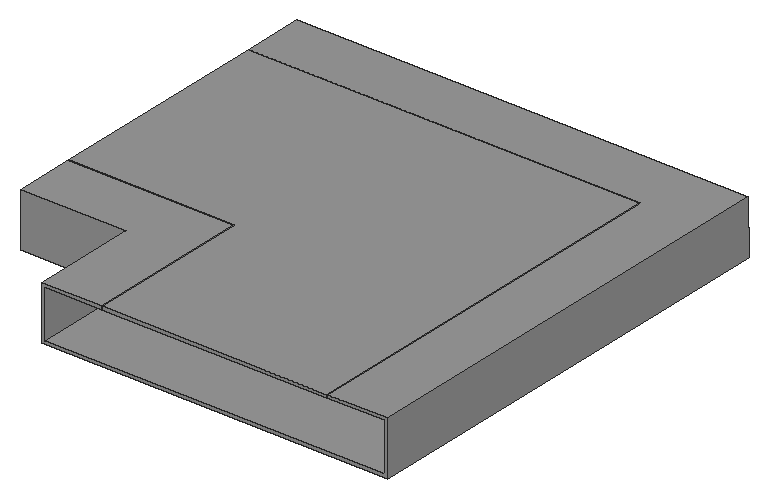
Revit family "en-halla-lumia-accessories-suspendedrfa (1)", category Specialty Equipment, host Face, Revit 2017
Family settings
  Host = Face
  Round Connector Dimension = Use Diameter
  Part Type = Normal
  OmniClass Number = 23.80.70.11.11
  OmniClass Title = General Luminaries, Non Directional
  Cut with Voids When Loaded = No
  Shared = No
  Room Calculation Point = No
Parameters (values of type "10-0003, E - joint L")
  X = no
  Výška zavěšení maximální = 2000 mm  # constant formula
  Výška zavěšení finální [instance] = if(Suspension height > Výška zavěšení maximální, Výška zavěšení maximální, Suspension height)  # 2000 mm
  QR code = "http://file-system.ru/catalog/zdaniya_i_sooruzheniya/interer/osveshchenie/halla_lumia_louvre_svetilnik/"
  Manufacturer = "HALLA"  # constant formula
  Default Elevation = 1000 mm  # constant formula
  URL = "http://www.halla.cz"
  Tubus = no
  T = no
  Switched on [instance] = no
  Switched off [instance] = not(Switched on)  # yes
  Suspension height [instance] = 2000 mm
  Right [instance] = if(and(Tubus, [Accessory - right end cap]), 1 > 0, 1 < 0)  # no
  Material of luminaire = "Aluminium"  # constant formula
  Lighting width = 230 mm  # constant formula
  Lighting length = 1000 mm  # constant formula
  Lighting height = 36 mm  # constant formula
  Colour of luminaire = Aluminium - anodised
  Accessory - right end cap [instance] = no
  Accessory - left end cap [instance] = no
  Product data url = ""
  Description = ""
  On [instance] = if(and(Tubus, Switched on), 1 > 0, 1 < 0)  # no
  Off [instance] = if(and(Tubus, Switched off), 1 > 0, 1 < 0)  # no
  Model = ""
  Left [instance] = if(and(Tubus, [Accessory - left end cap]), 1 > 0, 1 < 0)  # no
  L = yes
  Assembly Code = "D5020230"
Types (6, lengths in mm): name | X | Výška zavěšení finální | QR code | Tubus | T | Switched on | Switched off | Suspension height | Right | Accessory - right end cap | Accessory - left end cap | On | Left | L
  (no name) | no | 2000 | "http://file-system.ru/catalog/zdaniya_i_sooruzheniya/interer/osveshchenie/halla_lumia_louvre_svetilnik/" | no | no | no | yes | 2000 | no | no | no | no | no | yes
  10-0001, E - profile for modules | no | 1000 | "" | yes | no | yes | no | 1000 | yes | yes | yes | yes | yes | no
  10-0011, E - body profile | no | 1000 | "" | yes | no | yes | no | 1000 | yes | yes | yes | yes | yes | no
  10-0003, E - joint L | no | 2000 | "http://file-system.ru/catalog/zdaniya_i_sooruzheniya/interer/osveshchenie/halla_lumia_louvre_svetilnik/" | no | no | no | yes | 2000 | no | no | no | no | no | yes
  10-0004, E - joint T | no | 1000 | "" | no | yes | no | yes | 1000 | no | no | no | no | no | no
  10-0005, E - joint X | yes | 1000 | "" | no | no | no | yes | 1000 | no | no | no | no | no | no
Reference planes
  plane 1 "Střed (vpředu/vzadu)": y = 0
  plane 2: z = 0
  plane 3 "Střed (vlevo/vpravo)": x = 0
  plane 4 "BP_Světlo horní": z = 2000
  plane 5 "BP_Zdroj světla": z = 2036
  plane 6: y = 115
  plane 7: y = -115
  plane 8: x = 500
  plane 9: x = -500
Forms (mm)
  Extrusion 1, solid, material "Aluminium - anodised" <- "Colour of luminaire", visible <- "Tubus"
    sketch origin (0, 0, 0) x (0, 1, 0) y (0, 0, 1)
      loop
        line (115, 2036) -> (75, 2036) -> (75, 2034) -> (113, 2034) -> (113, 2002) -> (93, 2002) -> (93, 2000) -> (115, 2000) -> (115, 2036)
      loop
        line (-115, 2036) -> (-115, 2000) -> (-93, 2000) -> (-93, 2002) -> (-113, 2002) -> (-113, 2034) -> (-75, 2034) -> (-75, 2036) -> (-115, 2036)
    from -500 to 500
  Extrusion 2, solid, material "Diffuser - light switched off", visible <- "Off"
    sketch origin (500, 480.158, 1219.2) x (0, 1, 0) y (0, 0, 1)
      loop
        line (-405.158, 816.8) -> (-555.158, 816.8) -> (-555.158, 814.8) -> (-405.158, 814.8) -> (-405.158, 816.8)
    from -1000 to 0
  Extrusion 3, solid, material "Aluminium - anodised" <- "Colour of luminaire", visible <- "Tubus"
    sketch origin (-500, 480.158, 1219.2) x (0, 1, 0) y (0, 0, -1)
      loop
        line (-387.158, -782.8) -> (-387.158, -780.8) -> (-573.158, -780.8) -> (-573.158, -782.8) -> (-387.158, -782.8)
    from -1000 to 0
  Extrusion 4, solid, material "Diffuser - light switched on", visible <- "On"
    sketch origin (500, 480.158, 1219.2) x (0, 1, 0) y (0, 0, 1)
      loop
        line (-405.158, 816.8) -> (-555.158, 816.8) -> (-555.158, 814.8) -> (-405.158, 814.8) -> (-405.158, 816.8)
    from -1000 to 0
  Extrusion 5, solid, material "Aluminium - anodised" <- "Colour of luminaire", visible <- "T"
    sketch origin (0, 222.5, 2000) x (0, 1, 0) y (-1, 0, 0)
      loop
        line (-407.5, 390) -> (-407.5, 240) -> (-297.5, 240) -> (-297.5, 130) -> (-147.5, 130) -> (-147.5, 500) -> (-297.5, 500) -> (-297.5, 390) -> (-407.5, 390)
    from 36 <- "Lighting height" to 34
  Extrusion 6, solid, material "Aluminium - anodised" <- "Colour of luminaire", visible <- "T"
    sketch origin (-280, -35, 0) x (0, 1, 0) y (0, 0, 1)
      loop
        line (110, 2036) -> (110, 2034) -> (148, 2034) -> (148, 2002) -> (35, 2002) -> (35, 2000) -> (150, 2000) -> (150, 2036) -> (110, 2036)
    from -220 to 150
  Sweep 7, solid, material "Aluminium - anodised" <- "Colour of luminaire", visible <- "T"
    path origin (0, 222.5, 2000) x (0, 1, 0) y (-1, 0, 0)
      loop
        line (-407.5, 200) -> (-337.5, 200) -> (-337.5, 130)
    profile origin (-165, -115, 2000) x (0, 1, 0) y (0, 0, 1)
      loop
        line (40, 36) -> (0, 36) -> (0, 0) -> (115, 0) -> (115, 2) -> (2, 2) -> (2, 34) -> (40, 34) -> (40, 36)
  Sweep 8, solid, material "Aluminium - anodised" <- "Colour of luminaire", visible <- "T"
    path origin (0, 222.5, 2000) x (0, 1, 0) y (-1, 0, 0)
      loop
        line (-407.5, 430) -> (-337.5, 430) -> (-337.5, 500)
    profile origin (-465, -115, 2000) x (0, -1, 0) y (0, 0, 1)
      loop
        line (-40, 36) -> (-40, 34) -> (-2, 34) -> (-2, 2) -> (-115, 2) -> (-115, 0) -> (0, 0) -> (0, 36) -> (-40, 36)
  Sweep 9, solid, material "Aluminium - anodised" <- "Colour of luminaire", visible <- "L"
    path origin (0, 222.5, 2000) x (0, 1, 0) y (-1, 0, 0)
      loop
        line (-407.5, 200) -> (-107.5, 200) -> (-107.5, 500)
    profile origin (-200, -35, 2000) x (-1, 0, 0) y (0, 0, 1)
      loop
        line (0, 0) -> (230, 0) -> (230, 36) -> (190, 36) -> (190, 34) -> (228, 34) -> (228, 2) -> (2, 2) -> (2, 34) -> (40, 34) -> (40, 36) -> (0, 36) -> (0, 0)
  Sweep 10, solid, material "Aluminium - anodised" <- "Colour of luminaire", visible <- "L"
    path origin (0, 222.5, 2000) x (0, 1, 0) y (-1, 0, 0)
      loop
        line (-147.5, 500) -> (-147.5, 240) -> (-407.5, 240)
    profile origin (-370, 75, 2000) x (0, 1, 0) y (0, 0, 1)
      loop
        line (0, 36) -> (-150, 36) -> (-150, 34) -> (0, 34) -> (0, 36)
  Extrusion 11, solid, material "Aluminium - anodised" <- "Colour of luminaire", visible <- "X"
    sketch origin (591.497, 222.5, 2000) x (0, 1, 0) y (-1, 0, 0)
      loop
        line (-407.5, 981.497) -> (-407.5, 831.497) -> (-297.5, 831.497) -> (-297.5, 721.497) -> (-147.5, 721.497) -> (-147.5, 831.497) -> (-37.5, 831.497) -> (-37.5, 981.497) -> (-147.5, 981.497) -> (-147.5, 1091.497) -> (-297.5, 1091.497) -> (-297.5, 981.497) -> (-407.5, 981.497)
    from 36 <- "Lighting height" to 34
  Sweep 12, solid, material "Aluminium - anodised" <- "Colour of luminaire", visible <- "X"
    path origin (591.497, 222.5, 2000) x (0, 1, 0) y (-1, 0, 0)
      loop
        line (-407.5, 791.497) -> (-337.5, 791.497) -> (-337.5, 721.497)
    profile origin (-165, -115, 2000) x (0, 1, 0) y (0, 0, 1)
      loop
        line (40, 36) -> (0, 36) -> (0, 0) -> (115, 0) -> (115, 2) -> (2, 2) -> (2, 34) -> (40, 34) -> (40, 36)
  Sweep 13, solid, material "Aluminium - anodised" <- "Colour of luminaire", visible <- "X"
    path origin (591.497, 222.5, 2000) x (0, 1, 0) y (-1, 0, 0)
      loop
        line (-407.5, 1021.497) -> (-337.5, 1021.497) -> (-337.5, 1091.497)
    profile origin (-465, -115, 2000) x (0, -1, 0) y (0, 0, 1)
      loop
        line (-40, 36) -> (-40, 34) -> (-2, 34) -> (-2, 2) -> (-115, 2) -> (-115, 0) -> (0, 0) -> (0, 36) -> (-40, 36)
  Sweep 14, solid, material "Aluminium - anodised" <- "Colour of luminaire", visible <- "X"
    path origin (591.497, 222.5, 2000) x (0, 1, 0) y (-1, 0, 0)
      loop
        line (-37.5, 791.497) -> (-107.5, 791.497) -> (-107.5, 721.497)
    profile origin (-165, 115, 2000) x (0, 1, 0) y (0, 0, 1)
      loop
        line (-40, 36) -> (-40, 34) -> (-2, 34) -> (-2, 2) -> (-115, 2) -> (-115, 0) -> (0, 0) -> (0, 36) -> (-40, 36)
  Sweep 15, solid, material "Aluminium - anodised" <- "Colour of luminaire", visible <- "X"
    path origin (591.497, 222.5, 2000) x (0, 1, 0) y (-1, 0, 0)
      loop
        line (-37.5, 1021.497) -> (-107.5, 1021.497) -> (-107.5, 1091.497)
    profile origin (-465, 115, 2000) x (0, -1, 0) y (0, 0, 1)
      loop
        line (40, 36) -> (0, 36) -> (0, 0) -> (115, 0) -> (115, 2) -> (2, 2) -> (2, 34) -> (40, 34) -> (40, 36)
Dimensions and locks
  equal spacing: plane 7, plane 1 "Střed (vpředu/vzadu)", plane 6
  "Lighting width": plane 6 to plane 7
  "Výška zavěšení finální": plane 4 "BP_Světlo horní" to plane 2
  "Lighting height": plane 5 "BP_Zdroj světla" to plane 4 "BP_Světlo horní"
  equal spacing: plane 9, plane 3 "Střed (vlevo/vpravo)", plane 8
  "Lighting length": plane 9 to plane 8
  aligned and locked: plane 2 to host face
  aligned and locked: level to host face
  aligned and locked: Extrusion 1 sketch curve to plane 6
  aligned and locked: Extrusion 1 sketch curve to plane 5 "BP_Zdroj světla"
  aligned and locked: plane 7 to Extrusion 1 sketch curve
  aligned and locked: plane 8 to Extrusion 1
  aligned and locked: plane 9 to Extrusion 1
  aligned and locked: Extrusion 1 to plane 9
  aligned and locked: Extrusion 1 to plane 8
  aligned and locked: Extrusion 2 sketch curve to Extrusion 1  (x2)
  aligned and locked: plane 8 to Extrusion 2
  aligned and locked: Extrusion 3 sketch curve to Extrusion 1
  aligned and locked: plane 8 to Extrusion 3
  aligned and locked: plane 9 to Extrusion 3
  aligned and locked: plane 9 to Extrusion 2
  aligned and locked: plane 9 to Extrusion 4
Automatic sketch dimensions
  host sketch curve to host sketch curve = 2438.4 mm  (x2)
  Extrusion 1 sketch curve to plane 4 "BP_Světlo horní" = 0 mm  (x2)
  Extrusion 1 sketch curve to plane 5 "BP_Zdroj světla" = 0 mm
  plane 7 to Extrusion 1 sketch curve = 2 mm
  Extrusion 1 sketch curve to Extrusion 1 sketch curve = 20 mm
  Extrusion 1 sketch curve to plane 5 "BP_Zdroj světla" = 2 mm  (x2)
  Extrusion 1 sketch curve to Extrusion 1 sketch curve = 18 mm
  Extrusion 1 sketch curve to plane 6 = 40 mm
  plane 4 "BP_Světlo horní" to Extrusion 1 sketch curve = 2 mm
  Extrusion 1 sketch curve to plane 6 = 22 mm
  Extrusion 1 sketch curve to plane 6 = 2 mm
  Extrusion 1 sketch curve to Extrusion 1 sketch curve = 2 mm
  Extrusion 2 sketch curve to plane 5 "BP_Zdroj světla" = 0 mm
  Extrusion 2 sketch curve to Extrusion 2 sketch curve = 2 mm
  Extrusion 3 sketch curve to plane 4 "BP_Světlo horní" = 2 mm
  Extrusion 3 sketch curve to plane 7 = 22 mm
  plane 6 to Extrusion 3 sketch curve = 22 mm
  Extrusion 4 sketch curve to plane 5 "BP_Zdroj světla" = 0 mm
  plane 7 to Extrusion 4 sketch curve = 40 mm
  Extrusion 4 sketch curve to plane 5 "BP_Zdroj světla" = 2 mm
  Extrusion 4 sketch curve to plane 6 = 40 mm
  Extrusion 5 sketch curve to plane 9 = 0 mm
  Extrusion 5 sketch curve to plane 7 = 70 mm
  plane 7 to Extrusion 5 sketch curve = 40 mm  (x2)
  Extrusion 5 sketch curve to plane 6 = 40 mm
  Extrusion 5 sketch curve to Extrusion 5 sketch curve = 110 mm  (x2)
  Extrusion 5 sketch curve to Extrusion 5 sketch curve = 150 mm
  Extrusion 6 sketch curve to plane 1 "Střed (vpředu/vzadu)" = 0 mm
  Extrusion 6 sketch curve to plane 5 "BP_Zdroj světla" = 0 mm
  Extrusion 6 sketch curve to plane 6 = 0 mm
  Extrusion 6 sketch curve to plane 4 "BP_Světlo horní" = 0 mm
  Extrusion 6 sketch curve to Extrusion 6 sketch curve = 40 mm
  Extrusion 6 sketch curve to plane 6 = 2 mm
  plane 4 "BP_Světlo horní" to Extrusion 6 sketch curve = 2 mm
  Extrusion 6 sketch curve to plane 5 "BP_Zdroj světla" = 2 mm
  Sweep 7 sketch curve to plane 7 = 0 mm
  Sweep 7 sketch curve to plane 3 "Střed (vlevo/vpravo)" = 200 mm
  Sweep 7 sketch curve to plane 7 = 70 mm
  Sweep 7 sketch curve to Sweep 7 sketch curve = 70 mm
  Sweep 7 sketch curve to plane 4 "BP_Světlo horní" = 0 mm
  Sweep 7 sketch curve to profile plane = 0 mm
  Sweep 7 sketch curve to profile plane = 2 mm
  Sweep 7 sketch curve to Sweep 7 sketch curve = 38 mm
  Sweep 7 sketch curve to Sweep 7 sketch curve = 75 mm
  Sweep 7 sketch curve to Sweep 7 sketch curve = 2 mm  (x2)
  Sweep 7 sketch curve to Sweep 7 sketch curve = 32 mm
  Sweep 8 sketch curve to plane 7 = 0 mm
  Sweep 8 sketch curve to plane 9 = 0 mm
  Sweep 8 sketch curve to Sweep 8 sketch curve = 70 mm
  Sweep 8 sketch curve to plane 7 = 70 mm
  Sweep 8 sketch curve to plane 4 "BP_Světlo horní" = 0 mm
  Sweep 8 sketch curve to profile plane = 0 mm
  profile plane to Sweep 8 sketch curve = 2 mm
  Sweep 8 sketch curve to Sweep 8 sketch curve = 38 mm
  plane 4 "BP_Světlo horní" to Sweep 8 sketch curve = 2 mm
  Sweep 8 sketch curve to Sweep 8 sketch curve = 75 mm
  Sweep 8 sketch curve to Sweep 8 sketch curve = 32 mm
  Sweep 8 sketch curve to Sweep 8 sketch curve = 2 mm
  Sweep 9 sketch curve to plane 6 = 0 mm
  Sweep 9 sketch curve to plane 9 = 0 mm
  Sweep 9 sketch curve to plane 3 "Střed (vlevo/vpravo)" = 200 mm
  Sweep 9 sketch curve to plane 7 = 70 mm
  Sweep 9 sketch curve to profile plane = 0 mm
  Sweep 9 sketch curve to plane 4 "BP_Světlo horní" = 0 mm
  Sweep 9 sketch curve to profile plane = 2 mm
  Sweep 9 sketch curve to Sweep 9 sketch curve = 38 mm  (x2)
  plane 4 "BP_Světlo horní" to Sweep 9 sketch curve = 34 mm
  Sweep 9 sketch curve to Sweep 9 sketch curve = 150 mm
  plane 4 "BP_Světlo horní" to Sweep 9 sketch curve = 2 mm
  Sweep 9 sketch curve to Sweep 9 sketch curve = 2 mm  (x3)
  Sweep 9 sketch curve to Sweep 9 sketch curve = 32 mm
  Sweep 10 sketch curve to plane 9 = 0 mm
  Sweep 10 sketch curve to plane 6 = 40 mm
  Sweep 10 sketch curve to plane 3 "Střed (vlevo/vpravo)" = 240 mm
  Sweep 10 sketch curve to plane 7 = 70 mm
  Sweep 10 sketch curve to profile plane = 0 mm
  plane 4 "BP_Světlo horní" to Sweep 10 sketch curve = 34 mm
  profile plane to Sweep 10 sketch curve = 150 mm
  Sweep 10 sketch curve to Sweep 10 sketch curve = 2 mm
  Sweep 12 sketch curve to profile plane = 0 mm  (x2)
  Sweep 12 sketch curve to profile plane = 2 mm
  Sweep 12 sketch curve to Sweep 12 sketch curve = 38 mm
  Sweep 12 sketch curve to Sweep 12 sketch curve = 75 mm
  Sweep 12 sketch curve to Sweep 12 sketch curve = 2 mm  (x2)
  Sweep 12 sketch curve to Sweep 12 sketch curve = 32 mm
  Sweep 13 sketch curve to profile plane = 0 mm  (x2)
  profile plane to Sweep 13 sketch curve = 2 mm  (x2)
  Sweep 13 sketch curve to Sweep 13 sketch curve = 38 mm
  Sweep 13 sketch curve to Sweep 13 sketch curve = 75 mm
  Sweep 13 sketch curve to Sweep 13 sketch curve = 32 mm
  Sweep 13 sketch curve to Sweep 13 sketch curve = 2 mm
  Sweep 14 sketch curve to profile plane = 0 mm  (x2)
  profile plane to Sweep 14 sketch curve = 2 mm  (x2)
  Sweep 14 sketch curve to Sweep 14 sketch curve = 38 mm
  Sweep 14 sketch curve to Sweep 14 sketch curve = 75 mm
  Sweep 14 sketch curve to Sweep 14 sketch curve = 32 mm
  Sweep 14 sketch curve to Sweep 14 sketch curve = 2 mm
  Sweep 15 sketch curve to profile plane = 0 mm  (x2)
  Sweep 15 sketch curve to profile plane = 2 mm
  Sweep 15 sketch curve to Sweep 15 sketch curve = 38 mm
  Sweep 15 sketch curve to Sweep 15 sketch curve = 75 mm
  Sweep 15 sketch curve to Sweep 15 sketch curve = 2 mm  (x2)
  Sweep 15 sketch curve to Sweep 15 sketch curve = 32 mm
  Extrusion 11 sketch curve to plane 7 = 70 mm
  plane 7 to Extrusion 11 sketch curve = 40 mm  (x2)
  Extrusion 11 sketch curve to plane 6 = 40 mm  (x2)
  plane 6 to Extrusion 11 sketch curve = 70 mm
  Extrusion 11 sketch curve to plane 9 = 370 mm
  Extrusion 11 sketch curve to Extrusion 11 sketch curve = 110 mm  (x3)
  Extrusion 11 sketch curve to Extrusion 11 sketch curve = 150 mm  (x2)
  Sweep 12 sketch curve to plane 7 = 0 mm
  Sweep 12 sketch curve to plane 9 = 300 mm
  Sweep 12 sketch curve to plane 7 = 70 mm
  Sweep 12 sketch curve to Sweep 12 sketch curve = 70 mm
  Sweep 13 sketch curve to plane 7 = 0 mm
  Sweep 13 sketch curve to plane 9 = 70 mm
  Sweep 13 sketch curve to plane 7 = 70 mm
  Sweep 13 sketch curve to Sweep 13 sketch curve = 70 mm
  Sweep 14 sketch curve to plane 6 = 0 mm
  Sweep 14 sketch curve to plane 9 = 300 mm
  Sweep 14 sketch curve to Sweep 14 sketch curve = 70 mm  (x2)
  Sweep 15 sketch curve to plane 6 = 0 mm
  Sweep 15 sketch curve to plane 9 = 70 mm
  Sweep 15 sketch curve to Sweep 15 sketch curve = 70 mm  (x2)
Nested families
  nested 1: "LUMIA příslušenství - koncovka profilu" at (500, 0, 0), visible <- "Right", Výška zavěšení <- "Výška zavěšení finální", type "10-0007, E"
    with Výška zavěšení 2000 mm
  nested 2: "LUMIA příslušenství - koncovka profilu" at (-502, 0, 0), visible <- "Left", Výška zavěšení <- "Výška zavěšení finální", type "10-0007, E"
    with Výška zavěšení 2000 mm
Definition of nested family "LUMIA příslušenství - koncovka profilu"
  Parameters
    Šířka = 230 mm
    Výška zavěšení [instance] = 36 mm
    Manufacturer = "HALLA"  # constant formula
    Default Elevation = 0 mm
    URL = "http://www.halla.cz"
    Description = ""
    Model = ""
    Assembly Code = "D5020200"
    Keynote = ""
    Barva svítidla = none
  Reference planes
    plane 1 "Střed (vpředu/vzadu)": y = 0
    plane 2: z = 0
    plane 3 "Střed (vlevo/vpravo)": x = 0
    plane 4: z = 36
    plane 5: x = 2
    plane 6: y = 115
    plane 7: y = -115
  Forms (mm)
    Revolve 1, solid, not visible
      sketch origin (0, 0, 0) x (0, 1, 0) y (0, 0, 1)
        loop
          line (-600, 19.35) -> (-600, 0) -> (-592.108, 0) -> (-592.108, 1.35) -> (-594.015, 1.35) -> (-594.015, 19.35) -> (-600, 19.35)
        axis (-600, 0) -> (-600, 19.35)
      angle from 0 to 360
    Revolve 2, solid, not visible
      sketch origin (0, 0, 0) x (0, 1, 0) y (0, 0, 1)
        loop
          line (-600, 600) -> (-600, 568.8) -> (-598, 568.8) -> (-598, 575.5) -> (-595.494, 575.5) -> (-595.494, 600) -> (-600, 600)
        axis (-600, 568.8) -> (-600, 600)
      angle from 0 to 360
    Extrusion 3, solid, not visible
      sketch origin (0, 0, 0) x (1, 0, 0) y (0, 1, 0)
        loop
          circle (0, -600) r 1.018
      from 0 to 600
    Extrusion 4, solid
      sketch origin (-997.757, -1524, 36) x (-1, 0, 0) y (0, -1, 0)
        loop
          line (-997.757, -1639) -> (-997.757, -1409) -> (-999.757, -1409) -> (-999.757, -1639) -> (-997.757, -1639)
      from 36 to 0
  Dimensions and locks
    "Výška zavěšení": plane 4 to level
    equal spacing: plane 6, plane 1 "Střed (vpředu/vzadu)", plane 7
    "Šířka": plane 6 to plane 7
    locked: Extrusion 4 to plane 4 at 36
    aligned and locked: level to plane 2
    aligned and locked: Extrusion 4 sketch curve to plane 6
    aligned and locked: plane 3 "Střed (vlevo/vpravo)" to Extrusion 4 sketch curve
    aligned and locked: Extrusion 4 sketch curve to plane 5
    aligned and locked: plane 4 to Extrusion 4
  Automatic sketch dimensions
    Extrusion 4 sketch curve to plane 7 = 0 mm
